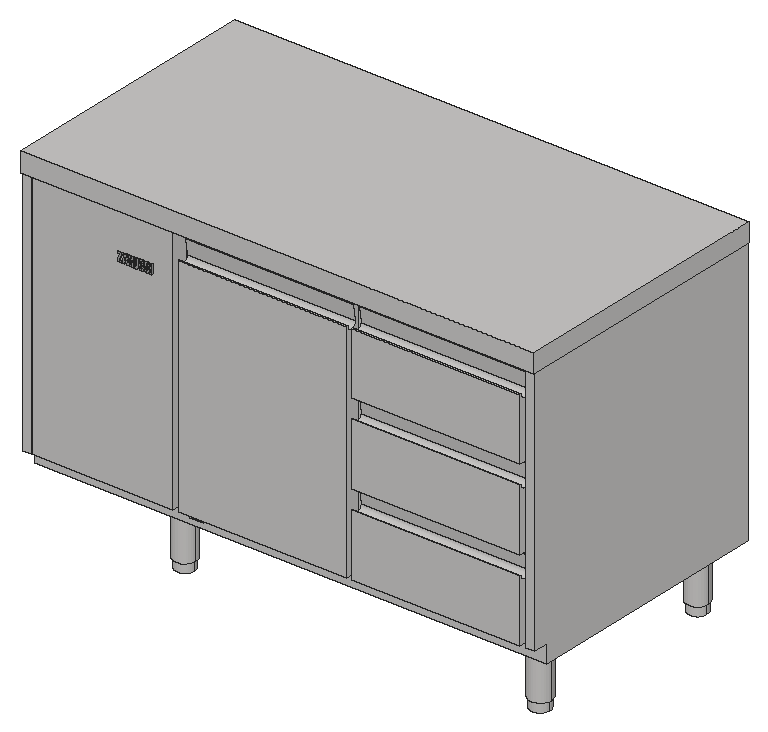
Revit family "QF_ZANUSSI_111027_ZH2HBAC", category Specialty Equipment, Revit 2018
Family settings
  Round Connector Dimension = Use Diameter
  Part Type = Normal
  Work Plane-Based = No
  Always vertical = Yes
  Cut with Voids When Loaded = No
  Shared = No
  Room Calculation Point = No
Parameters
  Weight = 0.00 kg
  Watts = 0.0232258 W
  Volts = 220 V
  URL Manufacturer = "http://www.zanussiprofessional.com/"
  URL = "http://www.zanussiprofessional.com/"
  Steam Supply Size = 0 mm
  Steam Supply Minimum Pressure = 0.0 Pa
  Steam Supply Maximum Pressure = 0.0 Pa
  Steam Pounds per Hour = 0
  Show Logo [instance] = yes
  Show Clearance [instance] = yes
  Refrigeration Suction Line Size = 0 mm
  Refrigeration Liquid Line Size = 0 mm
  Refrigerant Compressor Remote = yes
  Manufacturer = "Zanussi"
  Phase = 1
  Model = "ZH2HBAC"
  Length Actual = 1345 mm  # constant formula
  Item Number = "111027"
  Hot Water Size = 0 mm
  Height Actual = 900 mm  # constant formula
  HP = "0.3 HP"
  Gas Size = 0 mm
  Gas KW = 0
  Gas Input Pressure = 0 W
  Description = "1DOOR+3x1/3 DRAWERS REFR.TABLE 290L"
  Depth Actual = 700 mm  # constant formula
  Cycle = 50 Hz
  Condensate Return Size = 0 mm
  Compressed Air Volume = 0.0 L/s
  Compressed Air Size = 0 mm
  Compressed Air Pressure = 0.0 Pa
  Cold Water Size = 0 mm
  Accessory = yes
Reference planes
  plane 1 "Center X": y = 182.5
  plane 2: z = 0
  plane 3 "Center Y": x = -126.5
  plane 4: y = -62.5
  plane 5: y = 451.5
  plane 6 "BACK": y = 532.5
  plane 7 "FRONT": y = -167.5
  plane 8: x = -452
  plane 9: x = 478
  plane 10: z = 150
  plane 11 "TOP": z = 900
  plane 12: z = 850
  plane 13 "LEFT": x = -797
  plane 14 "RIGHT": x = 544
  plane 15: x = -799
  plane 16: x = 546
Forms (mm)
  Extrusion 1, solid, material "QF_Finishes_Stainless Steel"
    sketch origin (-126.5, 2, 0) x (0, 1, 0) y (0, 0, 1)
      loop
        line (530.5, 150) -> (530.5, 850) -> (-124.5, 850) -> (-124.5, 150) -> (530.5, 150)
    from -670.5 to 670.5
  Extrusion 2, solid, material "QF_Finishes_Stainless Steel"
    sketch origin (-1022.223, -1524, 150) x (-1, 0, 0) y (0, -1, 0)
      loop
        line (-225.223, -1361.5) -> (-250.223, -1361.5) -> (-250.223, -1401.5) -> (-225.223, -1401.5) -> (-225.223, -1361.5)
      loop
        line (-1566.223, -1401.5) -> (-1541.223, -1401.5) -> (-1541.223, -1361.5) -> (-1566.223, -1361.5) -> (-1566.223, -1401.5)
    from 47 to 700
  Extrusion 3, solid, material "QF_Finishes_Stainless Steel"
    sketch origin (0, 0, 900) x (-1, 0, 0) y (0, -1, 0)
      loop
        circle (-57, -94.5) r 8.45
    from -790.577 to -750
  Extrusion 4, solid, material "QF_Finishes_Stainless Steel"
    sketch origin (0, 0, 0) x (1, 0, 0) y (0, 1, 0)
      loop
        circle (-713, 451.5) r 4
    from 109.423 to 150
  Extrusion 5, solid, material "QF_Finishes_Stainless Steel"
    sketch origin (-126.5, 0, 0) x (0, 1, 0) y (0, 0, 1)
      loop
        line (-167.5, 900) -> (-167.5, 850) -> (532.5, 850) -> (532.5, 900) -> (-167.5, 900)
    from 672.5 to -672.5
Cuts and joins
  joined: Extrusion 1, Extrusion 2
Lines and regions (mm)
  symbolic lines, style "SpecialityEquipmentHiddenLines"
    curve 1: line (-799, -122.5, 900) -> (546, -122.5, 900)
    curve 2: line (-396, -167.5, 900) -> (-396, -122.5, 900)
  symbolic lines, style "SpecialityEquipment"
    curve 3: line (-799, 532.5, 900) -> (546, 532.5, 900)
    curve 4: line (-799, 532.5, 900) -> (-799, -167.5, 900)
    curve 5: line (-799, -167.5, 900) -> (546, -167.5, 900)
    curve 6: line (546, -167.5, 900) -> (546, 532.5, 900)
Dimensions and locks
  locked: plane 6 "BACK" to plane 7 "FRONT" at 700
  equal spacing: plane 6 "BACK", plane 1 "Center X", plane 7 "FRONT"
  locked: plane 6 "BACK" to plane 5 at 81
  plane 10 to level = 150 mm
  plane 11 "TOP" to plane 12 to plane 10 = 50 mm locked, 700 mm locked
  locked: Extrusion 2 sketch curve to Extrusion 2 sketch curve at 25  (x2)
  locked: plane 4 to plane 7 "FRONT" at 105
  locked: plane 6 "BACK" to Extrusion 3 sketch curve at 438
  equal spacing: plane 13 "LEFT", plane 3 "Center Y", plane 14 "RIGHT"
  plane 15 to plane 16 = 1345 mm
  locked: plane 13 "LEFT" to plane 8 at 345
  locked: plane 9 to plane 14 "RIGHT" at 66
  locked: Extrusion 3 sketch curve to plane 14 "RIGHT" at 487
  plane 13 "LEFT" to Extrusion 4 sketch curve = 84 mm
  locked: plane 6 "BACK" to Extrusion 4 sketch curve at 81
  locked: plane 10 to Extrusion 4 at 40.577
  aligned and locked: level to plane 2
  aligned and locked: plane 10 to Extrusion 3
  aligned and locked: nested 4 to plane 4
  aligned and locked: nested 1 to plane 4
  aligned and locked: nested 3 to plane 5
  aligned and locked: nested 2 to plane 5
  aligned and locked: plane 8 to nested 1
  aligned and locked: plane 8 to nested 2
  aligned and locked: plane 9 to nested 4
  aligned and locked: plane 9 to nested 3
  aligned and locked: Extrusion 1 to Extrusion 2
  aligned and locked: Extrusion 2 to Extrusion 1
  aligned and locked: Extrusion 2 sketch curve to plane 14 "RIGHT"
  aligned and locked: plane 13 "LEFT" to Extrusion 2 sketch curve
  aligned and locked: cut or joined group of Extrusion 1, Extrusion 2 to plane 10
  aligned and locked: plane 12 to cut or joined group of Extrusion 1, Extrusion 2
  aligned and locked: plane 10 to Extrusion 4
  aligned and locked: Extrusion 5 sketch curve to plane 11 "TOP"
  aligned and locked: plane 7 "FRONT" to Extrusion 5 sketch curve
  aligned and locked: Extrusion 5 sketch curve to cut or joined group of Extrusion 1, Extrusion 2  (x2)
  aligned and locked: Extrusion 5 to curve 3
Automatic sketch dimensions
  plane 7 "FRONT" to Extrusion 2 sketch curve = 45 mm  (x2)
  plane 7 "FRONT" to Extrusion 2 sketch curve = 5 mm  (x2)
  curve 2 to plane 7 "FRONT" = 0 mm
  curve 5 to plane 15 = 0 mm
  curve 3 to plane 6 "BACK" = 0 mm
  plane 8 to curve 2 = 56 mm
  plane 7 "FRONT" to curve 1 = 45 mm
  Extrusion 1 sketch curve to plane 10 = 0 mm
  Extrusion 1 sketch curve to plane 12 = 0 mm
  Extrusion 1 sketch curve to plane 6 "BACK" = 0 mm
  plane 7 "FRONT" to Extrusion 1 sketch curve = 45 mm
  radius of Extrusion 3 sketch curve = 8.45 mm
  radius of Extrusion 4 sketch curve = 4 mm
Nested families
  nested 1: "Foot_Ø50_H150" at (-452, -62.5, 0), type "Foot_Ø50_H150"
  nested 2: "Foot_Ø50_H150" at (-452, 451.5, 0), type "Foot_Ø50_H150"
  nested 3: "Foot_Ø50_H150" at (478, 451.5, 0), type "Foot_Ø50_H150"
  nested 4: "Foot_Ø50_H150" at (478, -62.5, 0), type "Foot_Ø50_H150"
  nested 5: "3x1-3 Drawers" at (285, -164.5, 0), Show Clearance <- "Show Clearance", type "3x1-3 Drawers"
  nested 6: "Door" at (-169, -164.5, 0) x (-1, 0, 0) z (0, 0, 1), Show Clearance <- "Show Clearance", type "Door"
  nested 7: "Refrigerator" at (544, -167.5, 900), type "Refrigerator"
  nested 8: "ZAN_Cooling Unit" at (-587.5, -164.5, 0), Show Logo <- "Show Logo", type "ZAN_Cooling Unit"
Connectors
  electrical at (-713, 451.5, 109.423), driven by "Volts"
    settings: on Extrusion 4, index 4, voltage 220 V, apparent load 0 VA, apparent load phase1 0 VA, apparent load phase2 0 VA, apparent load phase3 0 VA, power factor 1, load classification "Altro", number of poles 1, system type 30, power factor state 1, is connector primary yes, connector utility no, sub classification motor no, connector description "Electrical Connection"
  piping at (57, 94.5, 109.423), diameter 17
    settings: on Extrusion 3, index 5, connector inside diameter 609.6 mm, connector length 0 mm, flow factor 0, pipe flow 0.0 L/s, pressure drop 0.0 Pa, fitting loss kfactor 0, connector angle 0.00°, fixture units 0, engagement length 0 mm, angle of deflection 0.00°, flow configuration 1, flow direction 2, fitting loss method 0, system type 16, joint type 0, gender type 0, connector reference index -1, connector utility 0, adjustable connector no, is connector primary yes, connector description "Drain"
Definition of nested family "Foot_Ø50_H150"
  Reference planes
    plane 1 "Centro (Fronte/Retro)": y = 0
    plane 2: z = 0
    plane 3 "Centro (Sinistra/Destra)": x = 0
    plane 4: z = 150
  Forms (mm)
    Revolve 1, solid
      sketch origin (255.05, 0, 608.09) x (0, 0, 1) y (-1, 0, 0)
        loop
          line (-608.09, 255.05) -> (-608.09, 230.05) -> (-583.09, 230.05) -> (-583.09, 226.05) -> (-458.09, 226.05) -> (-458.09, 255.05) -> (-608.09, 255.05)
        axis (-608.09, 255.05) -> (-458.09, 255.05)
      angle from 0 to 360
  Dimensions and locks
    locked: Revolve 1 sketch curve to Revolve 1 sketch curve at 125
    aligned and locked: level to plane 2
    aligned and locked: plane 4 to Revolve 1 sketch curve
    aligned and locked: Revolve 1 sketch curve to level
    aligned and locked: plane 3 "Centro (Sinistra/Destra)" to Revolve 1 sketch curve
Definition of nested family "3x1-3 Drawers"
  Parameters
    Show Clearance [instance] = yes
  Reference planes
    plane 1 "FRONT": y = -3
    plane 2: z = 0
    plane 3 "Centro (Sinistra/Destra)": x = 0
    plane 4: z = 150
    plane 5: z = 850
    plane 6: x = -234
    plane 7: x = 234
    plane 8: x = -220
    plane 9: x = 220
  Forms (mm)
    Extrusion 1, solid
      sketch origin (0, 55, 511) x (0, 0, 1) y (0, -1, 0)
        loop
          line (314, 18) -> (314, 29) -> (274.395, 22.5)
          arc (274.395, 22.5) -> (260.395, 36.5) -> (274.395, 50.5) r 14
          line (274.395, 50.5) -> (274.395, 53) -> (111.333, 53) -> (111.333, 18) -> (314, 18)
        loop
          line (101.333, 29) -> (61.728, 22.5)
          arc (61.728, 22.5) -> (47.728, 36.5) -> (61.728, 50.5) r 14
          line (61.728, 50.5) -> (61.728, 53) -> (-101.333, 53) -> (-101.333, 18) -> (101.333, 18) -> (101.333, 29)
        loop
          line (-314, 18) -> (-111.333, 18) -> (-111.333, 29) -> (-150.939, 22.5)
          arc (-150.939, 22.5) -> (-164.939, 36.5) -> (-150.939, 50.5) r 14
          line (-150.939, 50.5) -> (-150.939, 53) -> (-314, 53) -> (-314, 18)
      from -220 to 220
    Extrusion 2, solid, visible <- "Show Clearance", detail levels coarse
      sketch origin (0, -462, 511) x (0, 0, 1) y (0, -1, 0)
        loop
          line (-314, 109) -> (-314, -464) -> (-111.333, -464) -> (-111.333, 109) -> (-314, 109)
        loop
          line (314, -464) -> (314, 109) -> (111.333, 109) -> (111.333, -464) -> (314, -464)
        loop
          line (101.333, 109) -> (-101.333, 109) -> (-101.333, -464) -> (101.333, -464) -> (101.333, 109)
      from -220 to 220
  Lines and regions (mm)
    symbolic lines
      curve 1: line (-190, -3, 0) -> (-190, -48, 0)
      curve 2: line (220, -48, 0) -> (-220, -48, 0)
      curve 3: line (-220, -48, 0) -> (-220, -83, 0)
      curve 4: line (-220, -83, 0) -> (220, -83, 0)
      curve 5: line (220, -83, 0) -> (220, -48, 0)
      curve 6: line (190, -48, 0) -> (190, -3, 0)
      curve 7: line (-190, -83, 0) -> (-190, -128, 0)
      curve 8: line (220, -128, 0) -> (-220, -128, 0)
      curve 9: line (-220, -128, 0) -> (-220, -163, 0)
      curve 10: line (-220, -163, 0) -> (220, -163, 0)
      curve 11: line (220, -163, 0) -> (220, -128, 0)
      curve 12: line (190, -128, 0) -> (190, -83, 0)
      curve 13: line (-190, -163, 0) -> (-190, -208, 0)
      curve 14: line (220, -208, 0) -> (-220, -208, 0)
      curve 15: line (-220, -208, 0) -> (-220, -243, 0)
      curve 16: line (-220, -243, 0) -> (220, -243, 0)
      curve 17: line (220, -243, 0) -> (220, -208, 0)
      curve 18: line (190, -208, 0) -> (190, -163, 0)
  Dimensions and locks
    aligned and locked: level to plane 2
Definition of nested family "Door"
  Parameters
    Show Clearance [instance] = yes
  Reference planes
    plane 1 "FRONT": y = -3
    plane 2: z = 0
    plane 3 "Centro (Sinistra/Destra)": x = 0
    plane 4: z = 150
    plane 5: z = 850
    plane 6: x = -234
    plane 7: x = 234
    plane 8: x = -220
    plane 9: x = 220
  Forms (mm)
    Extrusion 1, solid
      sketch origin (0, 53, 511) x (0, 0, 1) y (0, -1, 0)
        loop
          line (-323.003, 28.5) -> (-316.501, 28.5) -> (-316.501, 31) -> (-325.503, 31) -> (-325.503, 13.5) -> (-345.503, 13.5) -> (-345.503, 11) -> (-323.003, 11) -> (-323.003, 23.259) -> (-323.003, 28.5)
        loop
          line (-314, 27) -> (-316.501, 27) -> (-316.501, 18.501) -> (-319.752, 18.501) -> (-319.752, 16) -> (-314, 16) -> (-314, 27)
        loop
          line (315.003, 27) -> (315.003, 13.948) -> (315.003, 11) -> (327.503, 11) -> (327.503, 13.5) -> (317.503, 13.5) -> (317.503, 27) -> (315.003, 27)
      from 185 to 220
    Extrusion 2, solid, visible <- "Show Clearance", detail levels coarse
      sketch origin (0, 53, 511) x (0, -1, 0) y (1, 0, 0)
        loop
          line (51, 220) -> (51, -220)
          arc (51, -220) -> (339.234, -79.44) -> (454, 220) r 437.168
          line (454, 220) -> (51, 220)
      from -314 to 314
    Extrusion 3, solid
      sketch origin (0, 55, 511) x (0, 0, 1) y (0, -1, 0)
        loop
          line (314, 18) -> (314, 29) -> (274.395, 22.5)
          arc (274.395, 22.5) -> (260.395, 36.5) -> (274.395, 50.5) r 14
          line (274.395, 50.5) -> (274.395, 53) -> (-314, 53) -> (-314, 18) -> (314, 18)
      from -220 to 220
  Lines and regions (mm)
    symbolic lines
      curve 1: line (220, -3, 0) -> (220, -401, 0)
      curve 2: line (220, -401, 0) -> (185, -401, 0)
      curve 3: line (185, -401, 0) -> (185, -3, 0)
      curve 4: arc (-219.722, -3, 0) -> (-89.51, -275.368, 0) -> (185, -401, 0) r 442.855
  Dimensions and locks
    aligned and locked: level to plane 2
Definition of nested family "ZAN_Cooling Unit"
  Parameters
    Show Logo [instance] = yes
  Reference planes
    plane 1 "FRONT": y = -3
    plane 2: z = 0
    plane 3 "Centro (Sinistra/Destra)": x = 0
    plane 4: z = 150
    plane 5: z = 850
    plane 6: x = -184.5
    plane 7: x = 184.5
  Forms (mm)
    Extrusion 1, solid
      sketch origin (0, 55, 511) x (0, 0, 1) y (0, -1, 0)
        loop
          line (-314, 53) -> (-314, 13) -> (339, 13) -> (339, 53) -> (-314, 53)
      from -184.5 to 184.5
  Lines and regions (mm)
    Split face 1
      outline origin (0, 2, 197) x (0, 0, 1) y (-1, 0, 0)
        loop
          line (566.835, 184.5) -> (566.835, -184.5)
        loop
          line (521.835, 184.5) -> (521.835, -184.5)
    Split face 2
      outline origin (0, 2, 197) x (0, 0, 1) y (-1, 0, 0)
        loop
          arc (510.649, 158.547) -> (506.648, 162.548) -> (502.647, 158.547) r 4.001
          line (502.647, 158.547) -> (502.647, 116.535)
          arc (502.647, 116.535) -> (506.648, 112.533) -> (510.649, 116.535) r 4.001
          line (510.649, 116.535) -> (510.649, 158.547)
    Split face 3
      outline origin (0, 2, 184.996) x (0, 0, 1) y (-1, 0, 0)
        loop
          arc (510.649, 158.547) -> (506.648, 162.548) -> (502.647, 158.547) r 4.001
          line (502.647, 158.547) -> (502.647, 116.535)
          arc (502.647, 116.535) -> (506.648, 112.533) -> (510.649, 116.535) r 4.001
          line (510.649, 116.535) -> (510.649, 158.547)
    Split face 4
      outline origin (0, 2, 172.993) x (0, 0, 1) y (-1, 0, 0)
        loop
          arc (510.649, 158.547) -> (506.648, 162.548) -> (502.647, 158.547) r 4.001
          line (502.647, 158.547) -> (502.647, 116.535)
          arc (502.647, 116.535) -> (506.648, 112.533) -> (510.649, 116.535) r 4.001
          line (510.649, 116.535) -> (510.649, 158.547)
    Split face 5
      outline origin (0, 2, 160.989) x (0, 0, 1) y (-1, 0, 0)
        loop
          arc (510.649, 158.547) -> (506.648, 162.548) -> (502.647, 158.547) r 4.001
          line (502.647, 158.547) -> (502.647, 116.535)
          arc (502.647, 116.535) -> (506.648, 112.533) -> (510.649, 116.535) r 4.001
          line (510.649, 116.535) -> (510.649, 158.547)
    Split face 6
      outline origin (0, 2, 148.986) x (0, 0, 1) y (-1, 0, 0)
        loop
          arc (510.649, 158.547) -> (506.648, 162.548) -> (502.647, 158.547) r 4.001
          line (502.647, 158.547) -> (502.647, 116.535)
          arc (502.647, 116.535) -> (506.648, 112.533) -> (510.649, 116.535) r 4.001
          line (510.649, 116.535) -> (510.649, 158.547)
    Split face 7
      outline origin (0, 2, 136.982) x (0, 0, 1) y (-1, 0, 0)
        loop
          arc (510.649, 158.547) -> (506.648, 162.548) -> (502.647, 158.547) r 4.001
          line (502.647, 158.547) -> (502.647, 116.535)
          arc (502.647, 116.535) -> (506.648, 112.533) -> (510.649, 116.535) r 4.001
          line (510.649, 116.535) -> (510.649, 158.547)
    Split face 8
      outline origin (0, 2, 124.979) x (0, 0, 1) y (-1, 0, 0)
        loop
          arc (510.649, 158.547) -> (506.648, 162.548) -> (502.647, 158.547) r 4.001
          line (502.647, 158.547) -> (502.647, 116.535)
          arc (502.647, 116.535) -> (506.648, 112.533) -> (510.649, 116.535) r 4.001
          line (510.649, 116.535) -> (510.649, 158.547)
    Split face 9
      outline origin (0, 2, 112.975) x (0, 0, 1) y (-1, 0, 0)
        loop
          arc (510.649, 158.547) -> (506.648, 162.548) -> (502.647, 158.547) r 4.001
          line (502.647, 158.547) -> (502.647, 116.535)
          arc (502.647, 116.535) -> (506.648, 112.533) -> (510.649, 116.535) r 4.001
          line (510.649, 116.535) -> (510.649, 158.547)
    Split face 10
      outline origin (0, 2, 100.972) x (0, 0, 1) y (-1, 0, 0)
        loop
          arc (510.649, 158.547) -> (506.648, 162.548) -> (502.647, 158.547) r 4.001
          line (502.647, 158.547) -> (502.647, 116.535)
          arc (502.647, 116.535) -> (506.648, 112.533) -> (510.649, 116.535) r 4.001
          line (510.649, 116.535) -> (510.649, 158.547)
    Split face 11
      outline origin (0, 2, 88.968) x (0, 0, 1) y (-1, 0, 0)
        loop
          arc (510.649, 158.547) -> (506.648, 162.548) -> (502.647, 158.547) r 4.001
          line (502.647, 158.547) -> (502.647, 116.535)
          arc (502.647, 116.535) -> (506.648, 112.533) -> (510.649, 116.535) r 4.001
          line (510.649, 116.535) -> (510.649, 158.547)
    Split face 12
      outline origin (0, 2, 76.965) x (0, 0, 1) y (-1, 0, 0)
        loop
          arc (510.649, 158.547) -> (506.648, 162.548) -> (502.647, 158.547) r 4.001
          line (502.647, 158.547) -> (502.647, 116.535)
          arc (502.647, 116.535) -> (506.648, 112.533) -> (510.649, 116.535) r 4.001
          line (510.649, 116.535) -> (510.649, 158.547)
    Split face 13
      outline origin (0, 2, 64.961) x (0, 0, 1) y (-1, 0, 0)
        loop
          arc (510.649, 158.547) -> (506.648, 162.548) -> (502.647, 158.547) r 4.001
          line (502.647, 158.547) -> (502.647, 116.535)
          arc (502.647, 116.535) -> (506.648, 112.533) -> (510.649, 116.535) r 4.001
          line (510.649, 116.535) -> (510.649, 158.547)
    Split face 14
      outline origin (0, 2, 52.958) x (0, 0, 1) y (-1, 0, 0)
        loop
          arc (510.649, 158.547) -> (506.648, 162.548) -> (502.647, 158.547) r 4.001
          line (502.647, 158.547) -> (502.647, 116.535)
          arc (502.647, 116.535) -> (506.648, 112.533) -> (510.649, 116.535) r 4.001
          line (510.649, 116.535) -> (510.649, 158.547)
    Split face 15
      outline origin (0, 2, 40.954) x (0, 0, 1) y (-1, 0, 0)
        loop
          arc (510.649, 158.547) -> (506.648, 162.548) -> (502.647, 158.547) r 4.001
          line (502.647, 158.547) -> (502.647, 116.535)
          arc (502.647, 116.535) -> (506.648, 112.533) -> (510.649, 116.535) r 4.001
          line (510.649, 116.535) -> (510.649, 158.547)
    Split face 16
      outline origin (0, 2, 28.951) x (0, 0, 1) y (-1, 0, 0)
        loop
          arc (510.649, 158.547) -> (506.648, 162.548) -> (502.647, 158.547) r 4.001
          line (502.647, 158.547) -> (502.647, 116.535)
          arc (502.647, 116.535) -> (506.648, 112.533) -> (510.649, 116.535) r 4.001
          line (510.649, 116.535) -> (510.649, 158.547)
    Split face 17
      outline origin (0, 2, 16.947) x (0, 0, 1) y (-1, 0, 0)
        loop
          arc (510.649, 158.547) -> (506.648, 162.548) -> (502.647, 158.547) r 4.001
          line (502.647, 158.547) -> (502.647, 116.535)
          arc (502.647, 116.535) -> (506.648, 112.533) -> (510.649, 116.535) r 4.001
          line (510.649, 116.535) -> (510.649, 158.547)
    Split face 18
      outline origin (55.016, 2, 197) x (0, 0, 1) y (-1, 0, 0)
        loop
          arc (510.649, 158.547) -> (506.648, 162.548) -> (502.647, 158.547) r 4.001
          line (502.647, 158.547) -> (502.647, 116.535)
          arc (502.647, 116.535) -> (506.648, 112.533) -> (510.649, 116.535) r 4.001
          line (510.649, 116.535) -> (510.649, 158.547)
    Split face 19
      outline origin (55.016, 2, 184.996) x (0, 0, 1) y (-1, 0, 0)
        loop
          arc (510.649, 158.547) -> (506.648, 162.548) -> (502.647, 158.547) r 4.001
          line (502.647, 158.547) -> (502.647, 116.535)
          arc (502.647, 116.535) -> (506.648, 112.533) -> (510.649, 116.535) r 4.001
          line (510.649, 116.535) -> (510.649, 158.547)
    Split face 20
      outline origin (55.016, 2, 172.993) x (0, 0, 1) y (-1, 0, 0)
        loop
          arc (510.649, 158.547) -> (506.648, 162.548) -> (502.647, 158.547) r 4.001
          line (502.647, 158.547) -> (502.647, 116.535)
          arc (502.647, 116.535) -> (506.648, 112.533) -> (510.649, 116.535) r 4.001
          line (510.649, 116.535) -> (510.649, 158.547)
    Split face 21
      outline origin (55.016, 2, 160.989) x (0, 0, 1) y (-1, 0, 0)
        loop
          arc (510.649, 158.547) -> (506.648, 162.548) -> (502.647, 158.547) r 4.001
          line (502.647, 158.547) -> (502.647, 116.535)
          arc (502.647, 116.535) -> (506.648, 112.533) -> (510.649, 116.535) r 4.001
          line (510.649, 116.535) -> (510.649, 158.547)
    Split face 22
      outline origin (55.016, 2, 148.986) x (0, 0, 1) y (-1, 0, 0)
        loop
          arc (510.649, 158.547) -> (506.648, 162.548) -> (502.647, 158.547) r 4.001
          line (502.647, 158.547) -> (502.647, 116.535)
          arc (502.647, 116.535) -> (506.648, 112.533) -> (510.649, 116.535) r 4.001
          line (510.649, 116.535) -> (510.649, 158.547)
    Split face 23
      outline origin (55.016, 2, 136.982) x (0, 0, 1) y (-1, 0, 0)
        loop
          arc (510.649, 158.547) -> (506.648, 162.548) -> (502.647, 158.547) r 4.001
          line (502.647, 158.547) -> (502.647, 116.535)
          arc (502.647, 116.535) -> (506.648, 112.533) -> (510.649, 116.535) r 4.001
          line (510.649, 116.535) -> (510.649, 158.547)
    Split face 24
      outline origin (55.016, 2, 124.979) x (0, 0, 1) y (-1, 0, 0)
        loop
          arc (510.649, 158.547) -> (506.648, 162.548) -> (502.647, 158.547) r 4.001
          line (502.647, 158.547) -> (502.647, 116.535)
          arc (502.647, 116.535) -> (506.648, 112.533) -> (510.649, 116.535) r 4.001
          line (510.649, 116.535) -> (510.649, 158.547)
    Split face 25
      outline origin (55.016, 2, 112.975) x (0, 0, 1) y (-1, 0, 0)
        loop
          arc (510.649, 158.547) -> (506.648, 162.548) -> (502.647, 158.547) r 4.001
          line (502.647, 158.547) -> (502.647, 116.535)
          arc (502.647, 116.535) -> (506.648, 112.533) -> (510.649, 116.535) r 4.001
          line (510.649, 116.535) -> (510.649, 158.547)
    Split face 26
      outline origin (55.016, 2, 100.972) x (0, 0, 1) y (-1, 0, 0)
        loop
          arc (510.649, 158.547) -> (506.648, 162.548) -> (502.647, 158.547) r 4.001
          line (502.647, 158.547) -> (502.647, 116.535)
          arc (502.647, 116.535) -> (506.648, 112.533) -> (510.649, 116.535) r 4.001
          line (510.649, 116.535) -> (510.649, 158.547)
    Split face 27
      outline origin (55.016, 2, 88.968) x (0, 0, 1) y (-1, 0, 0)
        loop
          arc (510.649, 158.547) -> (506.648, 162.548) -> (502.647, 158.547) r 4.001
          line (502.647, 158.547) -> (502.647, 116.535)
          arc (502.647, 116.535) -> (506.648, 112.533) -> (510.649, 116.535) r 4.001
          line (510.649, 116.535) -> (510.649, 158.547)
    Split face 28
      outline origin (55.016, 2, 76.965) x (0, 0, 1) y (-1, 0, 0)
        loop
          arc (510.649, 158.547) -> (506.648, 162.548) -> (502.647, 158.547) r 4.001
          line (502.647, 158.547) -> (502.647, 116.535)
          arc (502.647, 116.535) -> (506.648, 112.533) -> (510.649, 116.535) r 4.001
          line (510.649, 116.535) -> (510.649, 158.547)
    Split face 29
      outline origin (55.016, 2, 64.961) x (0, 0, 1) y (-1, 0, 0)
        loop
          arc (510.649, 158.547) -> (506.648, 162.548) -> (502.647, 158.547) r 4.001
          line (502.647, 158.547) -> (502.647, 116.535)
          arc (502.647, 116.535) -> (506.648, 112.533) -> (510.649, 116.535) r 4.001
          line (510.649, 116.535) -> (510.649, 158.547)
    Split face 30
      outline origin (55.016, 2, 52.958) x (0, 0, 1) y (-1, 0, 0)
        loop
          arc (510.649, 158.547) -> (506.648, 162.548) -> (502.647, 158.547) r 4.001
          line (502.647, 158.547) -> (502.647, 116.535)
          arc (502.647, 116.535) -> (506.648, 112.533) -> (510.649, 116.535) r 4.001
          line (510.649, 116.535) -> (510.649, 158.547)
    Split face 31
      outline origin (55.016, 2, 40.954) x (0, 0, 1) y (-1, 0, 0)
        loop
          arc (510.649, 158.547) -> (506.648, 162.548) -> (502.647, 158.547) r 4.001
          line (502.647, 158.547) -> (502.647, 116.535)
          arc (502.647, 116.535) -> (506.648, 112.533) -> (510.649, 116.535) r 4.001
          line (510.649, 116.535) -> (510.649, 158.547)
    Split face 32
      outline origin (55.016, 2, 28.951) x (0, 0, 1) y (-1, 0, 0)
        loop
          arc (510.649, 158.547) -> (506.648, 162.548) -> (502.647, 158.547) r 4.001
          line (502.647, 158.547) -> (502.647, 116.535)
          arc (502.647, 116.535) -> (506.648, 112.533) -> (510.649, 116.535) r 4.001
          line (510.649, 116.535) -> (510.649, 158.547)
    Split face 33
      outline origin (55.016, 2, 16.947) x (0, 0, 1) y (-1, 0, 0)
        loop
          arc (510.649, 158.547) -> (506.648, 162.548) -> (502.647, 158.547) r 4.001
          line (502.647, 158.547) -> (502.647, 116.535)
          arc (502.647, 116.535) -> (506.648, 112.533) -> (510.649, 116.535) r 4.001
          line (510.649, 116.535) -> (510.649, 158.547)
    Split face 34
      outline origin (110.032, 2, 197) x (0, 0, 1) y (-1, 0, 0)
        loop
          arc (510.649, 158.547) -> (506.648, 162.548) -> (502.647, 158.547) r 4.001
          line (502.647, 158.547) -> (502.647, 116.535)
          arc (502.647, 116.535) -> (506.648, 112.533) -> (510.649, 116.535) r 4.001
          line (510.649, 116.535) -> (510.649, 158.547)
    Split face 35
      outline origin (110.032, 2, 184.996) x (0, 0, 1) y (-1, 0, 0)
        loop
          arc (510.649, 158.547) -> (506.648, 162.548) -> (502.647, 158.547) r 4.001
          line (502.647, 158.547) -> (502.647, 116.535)
          arc (502.647, 116.535) -> (506.648, 112.533) -> (510.649, 116.535) r 4.001
          line (510.649, 116.535) -> (510.649, 158.547)
    Split face 36
      outline origin (110.032, 2, 172.993) x (0, 0, 1) y (-1, 0, 0)
        loop
          arc (510.649, 158.547) -> (506.648, 162.548) -> (502.647, 158.547) r 4.001
          line (502.647, 158.547) -> (502.647, 116.535)
          arc (502.647, 116.535) -> (506.648, 112.533) -> (510.649, 116.535) r 4.001
          line (510.649, 116.535) -> (510.649, 158.547)
    Split face 37
      outline origin (110.032, 2, 160.989) x (0, 0, 1) y (-1, 0, 0)
        loop
          arc (510.649, 158.547) -> (506.648, 162.548) -> (502.647, 158.547) r 4.001
          line (502.647, 158.547) -> (502.647, 116.535)
          arc (502.647, 116.535) -> (506.648, 112.533) -> (510.649, 116.535) r 4.001
          line (510.649, 116.535) -> (510.649, 158.547)
    Split face 38
      outline origin (110.032, 2, 148.986) x (0, 0, 1) y (-1, 0, 0)
        loop
          arc (510.649, 158.547) -> (506.648, 162.548) -> (502.647, 158.547) r 4.001
          line (502.647, 158.547) -> (502.647, 116.535)
          arc (502.647, 116.535) -> (506.648, 112.533) -> (510.649, 116.535) r 4.001
          line (510.649, 116.535) -> (510.649, 158.547)
    Split face 39
      outline origin (110.032, 2, 136.982) x (0, 0, 1) y (-1, 0, 0)
        loop
          arc (510.649, 158.547) -> (506.648, 162.548) -> (502.647, 158.547) r 4.001
          line (502.647, 158.547) -> (502.647, 116.535)
          arc (502.647, 116.535) -> (506.648, 112.533) -> (510.649, 116.535) r 4.001
          line (510.649, 116.535) -> (510.649, 158.547)
    Split face 40
      outline origin (110.032, 2, 124.979) x (0, 0, 1) y (-1, 0, 0)
        loop
          arc (510.649, 158.547) -> (506.648, 162.548) -> (502.647, 158.547) r 4.001
          line (502.647, 158.547) -> (502.647, 116.535)
          arc (502.647, 116.535) -> (506.648, 112.533) -> (510.649, 116.535) r 4.001
          line (510.649, 116.535) -> (510.649, 158.547)
    Split face 41
      outline origin (110.032, 2, 112.975) x (0, 0, 1) y (-1, 0, 0)
        loop
          arc (510.649, 158.547) -> (506.648, 162.548) -> (502.647, 158.547) r 4.001
          line (502.647, 158.547) -> (502.647, 116.535)
          arc (502.647, 116.535) -> (506.648, 112.533) -> (510.649, 116.535) r 4.001
          line (510.649, 116.535) -> (510.649, 158.547)
    Split face 42
      outline origin (110.032, 2, 100.972) x (0, 0, 1) y (-1, 0, 0)
        loop
          arc (510.649, 158.547) -> (506.648, 162.548) -> (502.647, 158.547) r 4.001
          line (502.647, 158.547) -> (502.647, 116.535)
          arc (502.647, 116.535) -> (506.648, 112.533) -> (510.649, 116.535) r 4.001
          line (510.649, 116.535) -> (510.649, 158.547)
    Split face 43
      outline origin (110.032, 2, 88.968) x (0, 0, 1) y (-1, 0, 0)
        loop
          arc (510.649, 158.547) -> (506.648, 162.548) -> (502.647, 158.547) r 4.001
          line (502.647, 158.547) -> (502.647, 116.535)
          arc (502.647, 116.535) -> (506.648, 112.533) -> (510.649, 116.535) r 4.001
          line (510.649, 116.535) -> (510.649, 158.547)
    Split face 44
      outline origin (110.032, 2, 76.965) x (0, 0, 1) y (-1, 0, 0)
        loop
          arc (510.649, 158.547) -> (506.648, 162.548) -> (502.647, 158.547) r 4.001
          line (502.647, 158.547) -> (502.647, 116.535)
          arc (502.647, 116.535) -> (506.648, 112.533) -> (510.649, 116.535) r 4.001
          line (510.649, 116.535) -> (510.649, 158.547)
    Split face 45
      outline origin (110.032, 2, 64.961) x (0, 0, 1) y (-1, 0, 0)
        loop
          arc (510.649, 158.547) -> (506.648, 162.548) -> (502.647, 158.547) r 4.001
          line (502.647, 158.547) -> (502.647, 116.535)
          arc (502.647, 116.535) -> (506.648, 112.533) -> (510.649, 116.535) r 4.001
          line (510.649, 116.535) -> (510.649, 158.547)
    Split face 46
      outline origin (110.032, 2, 52.958) x (0, 0, 1) y (-1, 0, 0)
        loop
          arc (510.649, 158.547) -> (506.648, 162.548) -> (502.647, 158.547) r 4.001
          line (502.647, 158.547) -> (502.647, 116.535)
          arc (502.647, 116.535) -> (506.648, 112.533) -> (510.649, 116.535) r 4.001
          line (510.649, 116.535) -> (510.649, 158.547)
    Split face 47
      outline origin (110.032, 2, 40.954) x (0, 0, 1) y (-1, 0, 0)
        loop
          arc (510.649, 158.547) -> (506.648, 162.548) -> (502.647, 158.547) r 4.001
          line (502.647, 158.547) -> (502.647, 116.535)
          arc (502.647, 116.535) -> (506.648, 112.533) -> (510.649, 116.535) r 4.001
          line (510.649, 116.535) -> (510.649, 158.547)
    Split face 48
      outline origin (110.032, 2, 28.951) x (0, 0, 1) y (-1, 0, 0)
        loop
          arc (510.649, 158.547) -> (506.648, 162.548) -> (502.647, 158.547) r 4.001
          line (502.647, 158.547) -> (502.647, 116.535)
          arc (502.647, 116.535) -> (506.648, 112.533) -> (510.649, 116.535) r 4.001
          line (510.649, 116.535) -> (510.649, 158.547)
    Split face 49
      outline origin (110.032, 2, 16.947) x (0, 0, 1) y (-1, 0, 0)
        loop
          arc (510.649, 158.547) -> (506.648, 162.548) -> (502.647, 158.547) r 4.001
          line (502.647, 158.547) -> (502.647, 116.535)
          arc (502.647, 116.535) -> (506.648, 112.533) -> (510.649, 116.535) r 4.001
          line (510.649, 116.535) -> (510.649, 158.547)
    Split face 50
      outline origin (165.048, 2, 197) x (0, 0, 1) y (-1, 0, 0)
        loop
          arc (510.649, 158.547) -> (506.648, 162.548) -> (502.647, 158.547) r 4.001
          line (502.647, 158.547) -> (502.647, 116.535)
          arc (502.647, 116.535) -> (506.648, 112.533) -> (510.649, 116.535) r 4.001
          line (510.649, 116.535) -> (510.649, 158.547)
    Split face 51
      outline origin (165.048, 2, 184.996) x (0, 0, 1) y (-1, 0, 0)
        loop
          arc (510.649, 158.547) -> (506.648, 162.548) -> (502.647, 158.547) r 4.001
          line (502.647, 158.547) -> (502.647, 116.535)
          arc (502.647, 116.535) -> (506.648, 112.533) -> (510.649, 116.535) r 4.001
          line (510.649, 116.535) -> (510.649, 158.547)
    Split face 52
      outline origin (165.048, 2, 172.993) x (0, 0, 1) y (-1, 0, 0)
        loop
          arc (510.649, 158.547) -> (506.648, 162.548) -> (502.647, 158.547) r 4.001
          line (502.647, 158.547) -> (502.647, 116.535)
          arc (502.647, 116.535) -> (506.648, 112.533) -> (510.649, 116.535) r 4.001
          line (510.649, 116.535) -> (510.649, 158.547)
    Split face 53
      outline origin (165.048, 2, 160.989) x (0, 0, 1) y (-1, 0, 0)
        loop
          arc (510.649, 158.547) -> (506.648, 162.548) -> (502.647, 158.547) r 4.001
          line (502.647, 158.547) -> (502.647, 116.535)
          arc (502.647, 116.535) -> (506.648, 112.533) -> (510.649, 116.535) r 4.001
          line (510.649, 116.535) -> (510.649, 158.547)
    Split face 54
      outline origin (165.048, 2, 148.986) x (0, 0, 1) y (-1, 0, 0)
        loop
          arc (510.649, 158.547) -> (506.648, 162.548) -> (502.647, 158.547) r 4.001
          line (502.647, 158.547) -> (502.647, 116.535)
          arc (502.647, 116.535) -> (506.648, 112.533) -> (510.649, 116.535) r 4.001
          line (510.649, 116.535) -> (510.649, 158.547)
    Split face 55
      outline origin (165.048, 2, 136.982) x (0, 0, 1) y (-1, 0, 0)
        loop
          arc (510.649, 158.547) -> (506.648, 162.548) -> (502.647, 158.547) r 4.001
          line (502.647, 158.547) -> (502.647, 116.535)
          arc (502.647, 116.535) -> (506.648, 112.533) -> (510.649, 116.535) r 4.001
          line (510.649, 116.535) -> (510.649, 158.547)
    Split face 56
      outline origin (165.048, 2, 124.979) x (0, 0, 1) y (-1, 0, 0)
        loop
          arc (510.649, 158.547) -> (506.648, 162.548) -> (502.647, 158.547) r 4.001
          line (502.647, 158.547) -> (502.647, 116.535)
          arc (502.647, 116.535) -> (506.648, 112.533) -> (510.649, 116.535) r 4.001
          line (510.649, 116.535) -> (510.649, 158.547)
    Split face 57
      outline origin (165.048, 2, 112.975) x (0, 0, 1) y (-1, 0, 0)
        loop
          arc (510.649, 158.547) -> (506.648, 162.548) -> (502.647, 158.547) r 4.001
          line (502.647, 158.547) -> (502.647, 116.535)
          arc (502.647, 116.535) -> (506.648, 112.533) -> (510.649, 116.535) r 4.001
          line (510.649, 116.535) -> (510.649, 158.547)
    Split face 58
      outline origin (165.048, 2, 100.972) x (0, 0, 1) y (-1, 0, 0)
        loop
          arc (510.649, 158.547) -> (506.648, 162.548) -> (502.647, 158.547) r 4.001
          line (502.647, 158.547) -> (502.647, 116.535)
          arc (502.647, 116.535) -> (506.648, 112.533) -> (510.649, 116.535) r 4.001
          line (510.649, 116.535) -> (510.649, 158.547)
    Split face 59
      outline origin (165.048, 2, 88.968) x (0, 0, 1) y (-1, 0, 0)
        loop
          arc (510.649, 158.547) -> (506.648, 162.548) -> (502.647, 158.547) r 4.001
          line (502.647, 158.547) -> (502.647, 116.535)
          arc (502.647, 116.535) -> (506.648, 112.533) -> (510.649, 116.535) r 4.001
          line (510.649, 116.535) -> (510.649, 158.547)
    Split face 60
      outline origin (165.048, 2, 76.965) x (0, 0, 1) y (-1, 0, 0)
        loop
          arc (510.649, 158.547) -> (506.648, 162.548) -> (502.647, 158.547) r 4.001
          line (502.647, 158.547) -> (502.647, 116.535)
          arc (502.647, 116.535) -> (506.648, 112.533) -> (510.649, 116.535) r 4.001
          line (510.649, 116.535) -> (510.649, 158.547)
    Split face 61
      outline origin (165.048, 2, 64.961) x (0, 0, 1) y (-1, 0, 0)
        loop
          arc (510.649, 158.547) -> (506.648, 162.548) -> (502.647, 158.547) r 4.001
          line (502.647, 158.547) -> (502.647, 116.535)
          arc (502.647, 116.535) -> (506.648, 112.533) -> (510.649, 116.535) r 4.001
          line (510.649, 116.535) -> (510.649, 158.547)
    Split face 62
      outline origin (165.048, 2, 52.958) x (0, 0, 1) y (-1, 0, 0)
        loop
          arc (510.649, 158.547) -> (506.648, 162.548) -> (502.647, 158.547) r 4.001
          line (502.647, 158.547) -> (502.647, 116.535)
          arc (502.647, 116.535) -> (506.648, 112.533) -> (510.649, 116.535) r 4.001
          line (510.649, 116.535) -> (510.649, 158.547)
    Split face 63
      outline origin (165.048, 2, 40.954) x (0, 0, 1) y (-1, 0, 0)
        loop
          arc (510.649, 158.547) -> (506.648, 162.548) -> (502.647, 158.547) r 4.001
          line (502.647, 158.547) -> (502.647, 116.535)
          arc (502.647, 116.535) -> (506.648, 112.533) -> (510.649, 116.535) r 4.001
          line (510.649, 116.535) -> (510.649, 158.547)
    Split face 64
      outline origin (165.048, 2, 28.951) x (0, 0, 1) y (-1, 0, 0)
        loop
          arc (510.649, 158.547) -> (506.648, 162.548) -> (502.647, 158.547) r 4.001
          line (502.647, 158.547) -> (502.647, 116.535)
          arc (502.647, 116.535) -> (506.648, 112.533) -> (510.649, 116.535) r 4.001
          line (510.649, 116.535) -> (510.649, 158.547)
    Split face 65
      outline origin (165.048, 2, 16.947) x (0, 0, 1) y (-1, 0, 0)
        loop
          arc (510.649, 158.547) -> (506.648, 162.548) -> (502.647, 158.547) r 4.001
          line (502.647, 158.547) -> (502.647, 116.535)
          arc (502.647, 116.535) -> (506.648, 112.533) -> (510.649, 116.535) r 4.001
          line (510.649, 116.535) -> (510.649, 158.547)
    Split face 66
      outline origin (220.064, 2, 197) x (0, 0, 1) y (-1, 0, 0)
        loop
          arc (510.649, 158.547) -> (506.648, 162.548) -> (502.647, 158.547) r 4.001
          line (502.647, 158.547) -> (502.647, 116.535)
          arc (502.647, 116.535) -> (506.648, 112.533) -> (510.649, 116.535) r 4.001
          line (510.649, 116.535) -> (510.649, 158.547)
    Split face 67
      outline origin (220.064, 2, 184.996) x (0, 0, 1) y (-1, 0, 0)
        loop
          arc (510.649, 158.547) -> (506.648, 162.548) -> (502.647, 158.547) r 4.001
          line (502.647, 158.547) -> (502.647, 116.535)
          arc (502.647, 116.535) -> (506.648, 112.533) -> (510.649, 116.535) r 4.001
          line (510.649, 116.535) -> (510.649, 158.547)
    Split face 68
      outline origin (220.064, 2, 172.993) x (0, 0, 1) y (-1, 0, 0)
        loop
          arc (510.649, 158.547) -> (506.648, 162.548) -> (502.647, 158.547) r 4.001
          line (502.647, 158.547) -> (502.647, 116.535)
          arc (502.647, 116.535) -> (506.648, 112.533) -> (510.649, 116.535) r 4.001
          line (510.649, 116.535) -> (510.649, 158.547)
    Split face 69
      outline origin (220.064, 2, 160.989) x (0, 0, 1) y (-1, 0, 0)
        loop
          arc (510.649, 158.547) -> (506.648, 162.548) -> (502.647, 158.547) r 4.001
          line (502.647, 158.547) -> (502.647, 116.535)
          arc (502.647, 116.535) -> (506.648, 112.533) -> (510.649, 116.535) r 4.001
          line (510.649, 116.535) -> (510.649, 158.547)
    Split face 70
      outline origin (220.064, 2, 148.986) x (0, 0, 1) y (-1, 0, 0)
        loop
          arc (510.649, 158.547) -> (506.648, 162.548) -> (502.647, 158.547) r 4.001
          line (502.647, 158.547) -> (502.647, 116.535)
          arc (502.647, 116.535) -> (506.648, 112.533) -> (510.649, 116.535) r 4.001
          line (510.649, 116.535) -> (510.649, 158.547)
    Split face 71
      outline origin (220.064, 2, 136.982) x (0, 0, 1) y (-1, 0, 0)
        loop
          arc (510.649, 158.547) -> (506.648, 162.548) -> (502.647, 158.547) r 4.001
          line (502.647, 158.547) -> (502.647, 116.535)
          arc (502.647, 116.535) -> (506.648, 112.533) -> (510.649, 116.535) r 4.001
          line (510.649, 116.535) -> (510.649, 158.547)
    Split face 72
      outline origin (220.064, 2, 124.979) x (0, 0, 1) y (-1, 0, 0)
        loop
          arc (510.649, 158.547) -> (506.648, 162.548) -> (502.647, 158.547) r 4.001
          line (502.647, 158.547) -> (502.647, 116.535)
          arc (502.647, 116.535) -> (506.648, 112.533) -> (510.649, 116.535) r 4.001
          line (510.649, 116.535) -> (510.649, 158.547)
    Split face 73
      outline origin (220.064, 2, 112.975) x (0, 0, 1) y (-1, 0, 0)
        loop
          arc (510.649, 158.547) -> (506.648, 162.548) -> (502.647, 158.547) r 4.001
          line (502.647, 158.547) -> (502.647, 116.535)
          arc (502.647, 116.535) -> (506.648, 112.533) -> (510.649, 116.535) r 4.001
          line (510.649, 116.535) -> (510.649, 158.547)
    Split face 74
      outline origin (220.064, 2, 100.972) x (0, 0, 1) y (-1, 0, 0)
        loop
          arc (510.649, 158.547) -> (506.648, 162.548) -> (502.647, 158.547) r 4.001
          line (502.647, 158.547) -> (502.647, 116.535)
          arc (502.647, 116.535) -> (506.648, 112.533) -> (510.649, 116.535) r 4.001
          line (510.649, 116.535) -> (510.649, 158.547)
    Split face 75
      outline origin (220.064, 2, 88.968) x (0, 0, 1) y (-1, 0, 0)
        loop
          arc (510.649, 158.547) -> (506.648, 162.548) -> (502.647, 158.547) r 4.001
          line (502.647, 158.547) -> (502.647, 116.535)
          arc (502.647, 116.535) -> (506.648, 112.533) -> (510.649, 116.535) r 4.001
          line (510.649, 116.535) -> (510.649, 158.547)
    Split face 76
      outline origin (220.064, 2, 76.965) x (0, 0, 1) y (-1, 0, 0)
        loop
          arc (510.649, 158.547) -> (506.648, 162.548) -> (502.647, 158.547) r 4.001
          line (502.647, 158.547) -> (502.647, 116.535)
          arc (502.647, 116.535) -> (506.648, 112.533) -> (510.649, 116.535) r 4.001
          line (510.649, 116.535) -> (510.649, 158.547)
    Split face 77
      outline origin (220.064, 2, 64.961) x (0, 0, 1) y (-1, 0, 0)
        loop
          arc (510.649, 158.547) -> (506.648, 162.548) -> (502.647, 158.547) r 4.001
          line (502.647, 158.547) -> (502.647, 116.535)
          arc (502.647, 116.535) -> (506.648, 112.533) -> (510.649, 116.535) r 4.001
          line (510.649, 116.535) -> (510.649, 158.547)
    Split face 78
      outline origin (220.064, 2, 52.958) x (0, 0, 1) y (-1, 0, 0)
        loop
          arc (510.649, 158.547) -> (506.648, 162.548) -> (502.647, 158.547) r 4.001
          line (502.647, 158.547) -> (502.647, 116.535)
          arc (502.647, 116.535) -> (506.648, 112.533) -> (510.649, 116.535) r 4.001
          line (510.649, 116.535) -> (510.649, 158.547)
    Split face 79
      outline origin (220.064, 2, 40.954) x (0, 0, 1) y (-1, 0, 0)
        loop
          arc (510.649, 158.547) -> (506.648, 162.548) -> (502.647, 158.547) r 4.001
          line (502.647, 158.547) -> (502.647, 116.535)
          arc (502.647, 116.535) -> (506.648, 112.533) -> (510.649, 116.535) r 4.001
          line (510.649, 116.535) -> (510.649, 158.547)
    Split face 80
      outline origin (220.064, 2, 28.951) x (0, 0, 1) y (-1, 0, 0)
        loop
          arc (510.649, 158.547) -> (506.648, 162.548) -> (502.647, 158.547) r 4.001
          line (502.647, 158.547) -> (502.647, 116.535)
          arc (502.647, 116.535) -> (506.648, 112.533) -> (510.649, 116.535) r 4.001
          line (510.649, 116.535) -> (510.649, 158.547)
    Split face 81
      outline origin (220.064, 2, 16.947) x (0, 0, 1) y (-1, 0, 0)
        loop
          arc (510.649, 158.547) -> (506.648, 162.548) -> (502.647, 158.547) r 4.001
          line (502.647, 158.547) -> (502.647, 116.535)
          arc (502.647, 116.535) -> (506.648, 112.533) -> (510.649, 116.535) r 4.001
          line (510.649, 116.535) -> (510.649, 158.547)
    Split face 82
      outline origin (275.081, 2, 197) x (0, 0, 1) y (-1, 0, 0)
        loop
          arc (510.649, 158.547) -> (506.648, 162.548) -> (502.647, 158.547) r 4.001
          line (502.647, 158.547) -> (502.647, 116.535)
          arc (502.647, 116.535) -> (506.648, 112.533) -> (510.649, 116.535) r 4.001
          line (510.649, 116.535) -> (510.649, 158.547)
    Split face 83
      outline origin (275.081, 2, 184.996) x (0, 0, 1) y (-1, 0, 0)
        loop
          arc (510.649, 158.547) -> (506.648, 162.548) -> (502.647, 158.547) r 4.001
          line (502.647, 158.547) -> (502.647, 116.535)
          arc (502.647, 116.535) -> (506.648, 112.533) -> (510.649, 116.535) r 4.001
          line (510.649, 116.535) -> (510.649, 158.547)
    Split face 84
      outline origin (275.081, 2, 172.993) x (0, 0, 1) y (-1, 0, 0)
        loop
          arc (510.649, 158.547) -> (506.648, 162.548) -> (502.647, 158.547) r 4.001
          line (502.647, 158.547) -> (502.647, 116.535)
          arc (502.647, 116.535) -> (506.648, 112.533) -> (510.649, 116.535) r 4.001
          line (510.649, 116.535) -> (510.649, 158.547)
    Split face 85
      outline origin (275.081, 2, 160.989) x (0, 0, 1) y (-1, 0, 0)
        loop
          arc (510.649, 158.547) -> (506.648, 162.548) -> (502.647, 158.547) r 4.001
          line (502.647, 158.547) -> (502.647, 116.535)
          arc (502.647, 116.535) -> (506.648, 112.533) -> (510.649, 116.535) r 4.001
          line (510.649, 116.535) -> (510.649, 158.547)
    Split face 86
      outline origin (275.081, 2, 148.986) x (0, 0, 1) y (-1, 0, 0)
        loop
          arc (510.649, 158.547) -> (506.648, 162.548) -> (502.647, 158.547) r 4.001
          line (502.647, 158.547) -> (502.647, 116.535)
          arc (502.647, 116.535) -> (506.648, 112.533) -> (510.649, 116.535) r 4.001
          line (510.649, 116.535) -> (510.649, 158.547)
    Split face 87
      outline origin (275.081, 2, 136.982) x (0, 0, 1) y (-1, 0, 0)
        loop
          arc (510.649, 158.547) -> (506.648, 162.548) -> (502.647, 158.547) r 4.001
          line (502.647, 158.547) -> (502.647, 116.535)
          arc (502.647, 116.535) -> (506.648, 112.533) -> (510.649, 116.535) r 4.001
          line (510.649, 116.535) -> (510.649, 158.547)
    Split face 88
      outline origin (275.081, 2, 124.979) x (0, 0, 1) y (-1, 0, 0)
        loop
          arc (510.649, 158.547) -> (506.648, 162.548) -> (502.647, 158.547) r 4.001
          line (502.647, 158.547) -> (502.647, 116.535)
          arc (502.647, 116.535) -> (506.648, 112.533) -> (510.649, 116.535) r 4.001
          line (510.649, 116.535) -> (510.649, 158.547)
    Split face 89
      outline origin (275.081, 2, 112.975) x (0, 0, 1) y (-1, 0, 0)
        loop
          arc (510.649, 158.547) -> (506.648, 162.548) -> (502.647, 158.547) r 4.001
          line (502.647, 158.547) -> (502.647, 116.535)
          arc (502.647, 116.535) -> (506.648, 112.533) -> (510.649, 116.535) r 4.001
          line (510.649, 116.535) -> (510.649, 158.547)
    Split face 90
      outline origin (275.081, 2, 100.972) x (0, 0, 1) y (-1, 0, 0)
        loop
          arc (510.649, 158.547) -> (506.648, 162.548) -> (502.647, 158.547) r 4.001
          line (502.647, 158.547) -> (502.647, 116.535)
          arc (502.647, 116.535) -> (506.648, 112.533) -> (510.649, 116.535) r 4.001
          line (510.649, 116.535) -> (510.649, 158.547)
    Split face 91
      outline origin (275.081, 2, 88.968) x (0, 0, 1) y (-1, 0, 0)
        loop
          arc (510.649, 158.547) -> (506.648, 162.548) -> (502.647, 158.547) r 4.001
          line (502.647, 158.547) -> (502.647, 116.535)
          arc (502.647, 116.535) -> (506.648, 112.533) -> (510.649, 116.535) r 4.001
          line (510.649, 116.535) -> (510.649, 158.547)
    Split face 92
      outline origin (275.081, 2, 76.965) x (0, 0, 1) y (-1, 0, 0)
        loop
          arc (510.649, 158.547) -> (506.648, 162.548) -> (502.647, 158.547) r 4.001
          line (502.647, 158.547) -> (502.647, 116.535)
          arc (502.647, 116.535) -> (506.648, 112.533) -> (510.649, 116.535) r 4.001
          line (510.649, 116.535) -> (510.649, 158.547)
    Split face 93
      outline origin (275.081, 2, 64.961) x (0, 0, 1) y (-1, 0, 0)
        loop
          arc (510.649, 158.547) -> (506.648, 162.548) -> (502.647, 158.547) r 4.001
          line (502.647, 158.547) -> (502.647, 116.535)
          arc (502.647, 116.535) -> (506.648, 112.533) -> (510.649, 116.535) r 4.001
          line (510.649, 116.535) -> (510.649, 158.547)
    Split face 94
      outline origin (275.081, 2, 52.958) x (0, 0, 1) y (-1, 0, 0)
        loop
          arc (510.649, 158.547) -> (506.648, 162.548) -> (502.647, 158.547) r 4.001
          line (502.647, 158.547) -> (502.647, 116.535)
          arc (502.647, 116.535) -> (506.648, 112.533) -> (510.649, 116.535) r 4.001
          line (510.649, 116.535) -> (510.649, 158.547)
    Split face 95
      outline origin (275.081, 2, 40.954) x (0, 0, 1) y (-1, 0, 0)
        loop
          arc (510.649, 158.547) -> (506.648, 162.548) -> (502.647, 158.547) r 4.001
          line (502.647, 158.547) -> (502.647, 116.535)
          arc (502.647, 116.535) -> (506.648, 112.533) -> (510.649, 116.535) r 4.001
          line (510.649, 116.535) -> (510.649, 158.547)
    Split face 96
      outline origin (275.081, 2, 28.951) x (0, 0, 1) y (-1, 0, 0)
        loop
          arc (510.649, 158.547) -> (506.648, 162.548) -> (502.647, 158.547) r 4.001
          line (502.647, 158.547) -> (502.647, 116.535)
          arc (502.647, 116.535) -> (506.648, 112.533) -> (510.649, 116.535) r 4.001
          line (510.649, 116.535) -> (510.649, 158.547)
    Split face 97
      outline origin (275.081, 2, 16.947) x (0, 0, 1) y (-1, 0, 0)
        loop
          arc (510.649, 158.547) -> (506.648, 162.548) -> (502.647, 158.547) r 4.001
          line (502.647, 158.547) -> (502.647, 116.535)
          arc (502.647, 116.535) -> (506.648, 112.533) -> (510.649, 116.535) r 4.001
          line (510.649, 116.535) -> (510.649, 158.547)
    Split face 98
      outline origin (0, 2, -113.091) x (0, 0, 1) y (-1, 0, 0)
        loop
          arc (510.649, 158.547) -> (506.648, 162.548) -> (502.647, 158.547) r 4.001
          line (502.647, 158.547) -> (502.647, 116.535)
          arc (502.647, 116.535) -> (506.648, 112.533) -> (510.649, 116.535) r 4.001
          line (510.649, 116.535) -> (510.649, 158.547)
    Split face 99
      outline origin (0, 2, -125.094) x (0, 0, 1) y (-1, 0, 0)
        loop
          arc (510.649, 158.547) -> (506.648, 162.548) -> (502.647, 158.547) r 4.001
          line (502.647, 158.547) -> (502.647, 116.535)
          arc (502.647, 116.535) -> (506.648, 112.533) -> (510.649, 116.535) r 4.001
          line (510.649, 116.535) -> (510.649, 158.547)
    Split face 100
      outline origin (0, 2, -137.098) x (0, 0, 1) y (-1, 0, 0)
        loop
          arc (510.649, 158.547) -> (506.648, 162.548) -> (502.647, 158.547) r 4.001
          line (502.647, 158.547) -> (502.647, 116.535)
          arc (502.647, 116.535) -> (506.648, 112.533) -> (510.649, 116.535) r 4.001
          line (510.649, 116.535) -> (510.649, 158.547)
    Split face 101
      outline origin (0, 2, -149.101) x (0, 0, 1) y (-1, 0, 0)
        loop
          arc (510.649, 158.547) -> (506.648, 162.548) -> (502.647, 158.547) r 4.001
          line (502.647, 158.547) -> (502.647, 116.535)
          arc (502.647, 116.535) -> (506.648, 112.533) -> (510.649, 116.535) r 4.001
          line (510.649, 116.535) -> (510.649, 158.547)
    Split face 102
      outline origin (0, 2, -161.105) x (0, 0, 1) y (-1, 0, 0)
        loop
          arc (510.649, 158.547) -> (506.648, 162.548) -> (502.647, 158.547) r 4.001
          line (502.647, 158.547) -> (502.647, 116.535)
          arc (502.647, 116.535) -> (506.648, 112.533) -> (510.649, 116.535) r 4.001
          line (510.649, 116.535) -> (510.649, 158.547)
    Split face 103
      outline origin (0, 2, -173.108) x (0, 0, 1) y (-1, 0, 0)
        loop
          arc (510.649, 158.547) -> (506.648, 162.548) -> (502.647, 158.547) r 4.001
          line (502.647, 158.547) -> (502.647, 116.535)
          arc (502.647, 116.535) -> (506.648, 112.533) -> (510.649, 116.535) r 4.001
          line (510.649, 116.535) -> (510.649, 158.547)
    Split face 104
      outline origin (0, 2, -185.112) x (0, 0, 1) y (-1, 0, 0)
        loop
          arc (510.649, 158.547) -> (506.648, 162.548) -> (502.647, 158.547) r 4.001
          line (502.647, 158.547) -> (502.647, 116.535)
          arc (502.647, 116.535) -> (506.648, 112.533) -> (510.649, 116.535) r 4.001
          line (510.649, 116.535) -> (510.649, 158.547)
    Split face 105
      outline origin (0, 2, -197.115) x (0, 0, 1) y (-1, 0, 0)
        loop
          arc (510.649, 158.547) -> (506.648, 162.548) -> (502.647, 158.547) r 4.001
          line (502.647, 158.547) -> (502.647, 116.535)
          arc (502.647, 116.535) -> (506.648, 112.533) -> (510.649, 116.535) r 4.001
          line (510.649, 116.535) -> (510.649, 158.547)
    Split face 106
      outline origin (0, 2, -209.119) x (0, 0, 1) y (-1, 0, 0)
        loop
          arc (510.649, 158.547) -> (506.648, 162.548) -> (502.647, 158.547) r 4.001
          line (502.647, 158.547) -> (502.647, 116.535)
          arc (502.647, 116.535) -> (506.648, 112.533) -> (510.649, 116.535) r 4.001
          line (510.649, 116.535) -> (510.649, 158.547)
    Split face 107
      outline origin (0, 2, -221.122) x (0, 0, 1) y (-1, 0, 0)
        loop
          arc (510.649, 158.547) -> (506.648, 162.548) -> (502.647, 158.547) r 4.001
          line (502.647, 158.547) -> (502.647, 116.535)
          arc (502.647, 116.535) -> (506.648, 112.533) -> (510.649, 116.535) r 4.001
          line (510.649, 116.535) -> (510.649, 158.547)
    Split face 108
      outline origin (0, 2, -233.126) x (0, 0, 1) y (-1, 0, 0)
        loop
          arc (510.649, 158.547) -> (506.648, 162.548) -> (502.647, 158.547) r 4.001
          line (502.647, 158.547) -> (502.647, 116.535)
          arc (502.647, 116.535) -> (506.648, 112.533) -> (510.649, 116.535) r 4.001
          line (510.649, 116.535) -> (510.649, 158.547)
    Split face 109
      outline origin (0, 2, -245.129) x (0, 0, 1) y (-1, 0, 0)
        loop
          arc (510.649, 158.547) -> (506.648, 162.548) -> (502.647, 158.547) r 4.001
          line (502.647, 158.547) -> (502.647, 116.535)
          arc (502.647, 116.535) -> (506.648, 112.533) -> (510.649, 116.535) r 4.001
          line (510.649, 116.535) -> (510.649, 158.547)
    Split face 110
      outline origin (0, 2, -257.133) x (0, 0, 1) y (-1, 0, 0)
        loop
          arc (510.649, 158.547) -> (506.648, 162.548) -> (502.647, 158.547) r 4.001
          line (502.647, 158.547) -> (502.647, 116.535)
          arc (502.647, 116.535) -> (506.648, 112.533) -> (510.649, 116.535) r 4.001
          line (510.649, 116.535) -> (510.649, 158.547)
    Split face 111
      outline origin (0, 2, -269.136) x (0, 0, 1) y (-1, 0, 0)
        loop
          arc (510.649, 158.547) -> (506.648, 162.548) -> (502.647, 158.547) r 4.001
          line (502.647, 158.547) -> (502.647, 116.535)
          arc (502.647, 116.535) -> (506.648, 112.533) -> (510.649, 116.535) r 4.001
          line (510.649, 116.535) -> (510.649, 158.547)
    Split face 112
      outline origin (0, 2, -281.14) x (0, 0, 1) y (-1, 0, 0)
        loop
          arc (510.649, 158.547) -> (506.648, 162.548) -> (502.647, 158.547) r 4.001
          line (502.647, 158.547) -> (502.647, 116.535)
          arc (502.647, 116.535) -> (506.648, 112.533) -> (510.649, 116.535) r 4.001
          line (510.649, 116.535) -> (510.649, 158.547)
    Split face 113
      outline origin (0, 2, -293.144) x (0, 0, 1) y (-1, 0, 0)
        loop
          arc (510.649, 158.547) -> (506.648, 162.548) -> (502.647, 158.547) r 4.001
          line (502.647, 158.547) -> (502.647, 116.535)
          arc (502.647, 116.535) -> (506.648, 112.533) -> (510.649, 116.535) r 4.001
          line (510.649, 116.535) -> (510.649, 158.547)
    Split face 114
      outline origin (55.016, 2, -113.091) x (0, 0, 1) y (-1, 0, 0)
        loop
          arc (510.649, 158.547) -> (506.648, 162.548) -> (502.647, 158.547) r 4.001
          line (502.647, 158.547) -> (502.647, 116.535)
          arc (502.647, 116.535) -> (506.648, 112.533) -> (510.649, 116.535) r 4.001
          line (510.649, 116.535) -> (510.649, 158.547)
    Split face 115
      outline origin (55.016, 2, -125.094) x (0, 0, 1) y (-1, 0, 0)
        loop
          arc (510.649, 158.547) -> (506.648, 162.548) -> (502.647, 158.547) r 4.001
          line (502.647, 158.547) -> (502.647, 116.535)
          arc (502.647, 116.535) -> (506.648, 112.533) -> (510.649, 116.535) r 4.001
          line (510.649, 116.535) -> (510.649, 158.547)
    Split face 116
      outline origin (55.016, 2, -137.098) x (0, 0, 1) y (-1, 0, 0)
        loop
          arc (510.649, 158.547) -> (506.648, 162.548) -> (502.647, 158.547) r 4.001
          line (502.647, 158.547) -> (502.647, 116.535)
          arc (502.647, 116.535) -> (506.648, 112.533) -> (510.649, 116.535) r 4.001
          line (510.649, 116.535) -> (510.649, 158.547)
    Split face 117
      outline origin (55.016, 2, -149.101) x (0, 0, 1) y (-1, 0, 0)
        loop
          arc (510.649, 158.547) -> (506.648, 162.548) -> (502.647, 158.547) r 4.001
          line (502.647, 158.547) -> (502.647, 116.535)
          arc (502.647, 116.535) -> (506.648, 112.533) -> (510.649, 116.535) r 4.001
          line (510.649, 116.535) -> (510.649, 158.547)
    Split face 118
      outline origin (55.016, 2, -161.105) x (0, 0, 1) y (-1, 0, 0)
        loop
          arc (510.649, 158.547) -> (506.648, 162.548) -> (502.647, 158.547) r 4.001
          line (502.647, 158.547) -> (502.647, 116.535)
          arc (502.647, 116.535) -> (506.648, 112.533) -> (510.649, 116.535) r 4.001
          line (510.649, 116.535) -> (510.649, 158.547)
    Split face 119
      outline origin (55.016, 2, -173.108) x (0, 0, 1) y (-1, 0, 0)
        loop
          arc (510.649, 158.547) -> (506.648, 162.548) -> (502.647, 158.547) r 4.001
          line (502.647, 158.547) -> (502.647, 116.535)
          arc (502.647, 116.535) -> (506.648, 112.533) -> (510.649, 116.535) r 4.001
          line (510.649, 116.535) -> (510.649, 158.547)
    Split face 120
      outline origin (55.016, 2, -185.112) x (0, 0, 1) y (-1, 0, 0)
        loop
          arc (510.649, 158.547) -> (506.648, 162.548) -> (502.647, 158.547) r 4.001
          line (502.647, 158.547) -> (502.647, 116.535)
          arc (502.647, 116.535) -> (506.648, 112.533) -> (510.649, 116.535) r 4.001
          line (510.649, 116.535) -> (510.649, 158.547)
    Split face 121
      outline origin (55.016, 2, -197.115) x (0, 0, 1) y (-1, 0, 0)
        loop
          arc (510.649, 158.547) -> (506.648, 162.548) -> (502.647, 158.547) r 4.001
          line (502.647, 158.547) -> (502.647, 116.535)
          arc (502.647, 116.535) -> (506.648, 112.533) -> (510.649, 116.535) r 4.001
          line (510.649, 116.535) -> (510.649, 158.547)
    Split face 122
      outline origin (55.016, 2, -209.119) x (0, 0, 1) y (-1, 0, 0)
        loop
          arc (510.649, 158.547) -> (506.648, 162.548) -> (502.647, 158.547) r 4.001
          line (502.647, 158.547) -> (502.647, 116.535)
          arc (502.647, 116.535) -> (506.648, 112.533) -> (510.649, 116.535) r 4.001
          line (510.649, 116.535) -> (510.649, 158.547)
